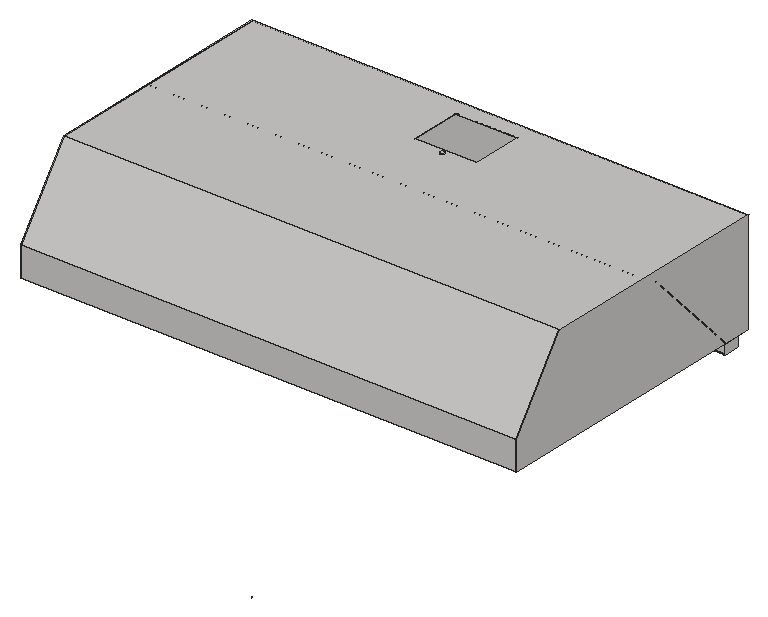
Revit family "QF_ELECTROLUXPROFESSIONAL_644231_ABPV1424BT", category Specialty Equipment, Revit 2014
Reference planes
  plane 1: z = 0
  plane 2 "Center (Left/Right)": x = 150
  plane 3 "LEFT": x = -1050
  plane 4 "RIGHT": x = 1350
  plane 5 "BACK": y = 550
  plane 6 "TOP": z = 2500
  plane 7 "Base": z = 2000
  plane 8: z = 1926
  plane 9 "DrainY": y = 485
  plane 10: x = -1047
  plane 11: through (0, 414.509, 2000.8) normal (0, 0.7314, 0.682)
  plane 12: y = 470
  plane 13: y = 220
  plane 14 "DrainX": x = 1230
  plane 15: x = 300
  plane 16: x = 0
  plane 17: x = 1347
  plane 18: x = 1140
  plane 19: x = 1320
  plane 20: x = -1010
  plane 21: x = -645
  plane 22: x = -450
  plane 23: x = 1310
  plane 24: x = 945
  plane 25: x = 750
  plane 26: x = -47.5
  plane 27: x = 347.5
  plane 28: z = 2140
  plane 29: y = -590
  plane 30: y = 200
  plane 31: y = -850
  plane 32: y = -150
Forms (mm)
  Extrusion 1, solid, material "QF_Finishes_Stainless Steel"
    sketch origin (-1050, 0, 360) x (0, 1, 0) y (0, 0, 1)
      loop
        line (550, 1640) -> (550, 2140) -> (-590, 2140) -> (-850, 1780) -> (-850, 1640) -> (550, 1640)
    from 0 to 3
  Extrusion 2, solid, material "QF_Finishes_Stainless Steel"
    sketch origin (150, 0, 360) x (0, 1, 0) y (0, 0, 1)
      loop
        line (415.255, 1640) -> (550, 1640) -> (550, 2139.19) -> (549.2, 2139.19) -> (549.2, 1640.8) -> (415.876, 1640.8) -> (339.347, 1722.867) -> (349.609, 1732.436) -> (348.927, 1733.167) -> (337.934, 1722.917) -> (415.255, 1640)
      loop
        line (-82.203, 2139.19) -> (-82.203, 2118.6) -> (-31.047, 2118.6) -> (34.354, 2048.466) -> (46.028, 2059.352) -> (45.346, 2060.083) -> (34.403, 2049.879) -> (-30.612, 2119.6) -> (-81.203, 2119.6) -> (-81.203, 2139.19) -> (-82.203, 2139.19)
    from -1197 to 1197
  Extrusion 3, solid, material "QF_Finishes_Stainless Steel"
    sketch origin (1350, 0, 360) x (0, 1, 0) y (0, 0, 1)
      loop
        line (550, 1640) -> (550, 2140) -> (-590, 2140) -> (-850, 1780) -> (-850, 1640) -> (550, 1640)
    from 0 to -3
  Extrusion 4, solid, material "QF_Finishes_Stainless Steel"
    sketch origin (150, 0, 360) x (0, 1, 0) y (0, 0, 1)
      loop
        line (-590, 2140) -> (-850, 1780) -> (-850, 1640) -> (-849.2, 1640) -> (-849.2, 1779.741) -> (-589.598, 2139.19) -> (550, 2139.19) -> (550, 2140) -> (-590, 2140)
    from -1200 to 1200
  Extrusion 5, solid, material "QF_Finishes_Stainless Steel"
    sketch origin (150, 0, 360) x (0, 1, 0) y (0, 0, 1)
      loop
        line (534, 1640) -> (436, 1640) -> (436, 1627) -> (443.5, 1627) -> (443.5, 1576)
        arc (443.5, 1576) -> (446.429, 1568.929) -> (453.5, 1566) r 10
        line (453.5, 1566) -> (516.5, 1566)
        arc (516.5, 1566) -> (523.571, 1568.929) -> (526.5, 1576) r 10
        line (526.5, 1576) -> (526.5, 1627) -> (534, 1627) -> (534, 1640)
    from 990 to 1170
  Extrusion 6, solid, material "QF_Finishes_Stainless Steel"
    sketch origin (0, 0, 2000) x (0, 1, 0) y (-1, 0, 0)
      loop
        circle (485, -1230) r 20
    from -76 to -74
  Extrusion 7, solid, material "QF_Finished_Chrome"
    sketch origin (150, 0, 360) x (0, 1, 0) y (0, 0, 1)
      loop
        line (337.934, 1722.917) -> (341.591, 1726.327) -> (38.011, 2051.876) -> (34.354, 2048.466) -> (337.934, 1722.917)
    from -795 to -1160
  Extrusion 8, solid, material "QF_Finished_Chrome"
    sketch origin (150, 0, 360) x (0, 1, 0) y (0, 0, 1)
      loop
        line (337.934, 1722.917) -> (341.591, 1726.327) -> (38.011, 2051.876) -> (34.354, 2048.466) -> (337.934, 1722.917)
    from -197.5 to -600
  Extrusion 9, solid, material "QF_Finishes_Stainless Steel"
    sketch origin (150, 0, 360) x (0, 1, 0) y (0, 0, 1)
      loop
        line (337.934, 1722.917) -> (341.591, 1726.327) -> (38.011, 2051.876) -> (34.354, 2048.466) -> (337.934, 1722.917)
    from 1197 to 1160
  Extrusion 10, solid, material "QF_Finishes_Stainless Steel"
    sketch origin (150, 0, 360) x (0, 1, 0) y (0, 0, 1)
      loop
        line (341.588, 1726.324) -> (38.009, 2051.874) -> (34.354, 2048.466) -> (337.934, 1722.917) -> (341.588, 1726.324)
    from -795 to -600
  Extrusion 11, solid, material "QF_Finished_Chrome"
    sketch origin (150, 0, 360) x (0, 1, 0) y (0, 0, 1)
      loop
        line (341.588, 1726.324) -> (38.009, 2051.874) -> (34.354, 2048.466) -> (337.934, 1722.917) -> (341.588, 1726.324)
    from 795 to 1160
  Extrusion 12, void
    sketch origin (0, 0, 2500) x (0, 1, 0) y (-1, 0, 0)
      loop
        line (470, 0) -> (220, 0) -> (220, -300) -> (470, -300) -> (470, 0)
    from 0 to -10
  Extrusion 13, solid, material "QF_Finishes_Stainless Steel"
    sketch origin (0, 0, 0) x (1, 0, 0) y (0, 1, 0)
      loop
        line (-1050, 550) -> (-1050, 549) -> (-1049, 549) -> (-1049, 550) -> (-1050, 550)
    from 0 to 1
  Extrusion 14, solid, material "QF_Finishes_Stainless Steel"
    sketch origin (150, 0, 360) x (0, 1, 0) y (0, 0, 1)
      loop
        line (337.934, 1722.917) -> (341.591, 1726.327) -> (38.011, 2051.876) -> (34.354, 2048.466) -> (337.934, 1722.917)
    from -1160 to -1197
  Extrusion 15, solid, material "QF_Finishes_Stainless Steel"
    sketch origin (150, 0, 360) x (0, 1, 0) y (0, 0, -1)
      loop
        line (341.588, -1726.324) -> (337.934, -1722.917) -> (34.354, -2048.466) -> (38.009, -2051.874) -> (341.588, -1726.324)
    from -795 to -600
  Extrusion 16, solid, material "QF_Finished_Chrome"
    sketch origin (150, 0, 360) x (0, 1, 0) y (0, 0, 1)
      loop
        line (337.934, 1722.917) -> (341.591, 1726.327) -> (38.011, 2051.876) -> (34.354, 2048.466) -> (337.934, 1722.917)
    from 600 to 197.5
  Extrusion 17, solid, material "QF_Finishes_Stainless Steel"
    sketch origin (150, 0, 360) x (0, 1, 0) y (0, 0, -1)
      loop
        line (341.588, -1726.324) -> (337.934, -1722.917) -> (34.354, -2048.466) -> (38.009, -2051.874) -> (341.588, -1726.324)
    from -197.5 to 197.5
  Extrusion 18, solid, material "QF_Finishes_Stainless Steel"
    sketch origin (0, 0, 2500) x (0, 1, 0) y (-1, 0, 0)
      loop
        circle (200, -150) r 10
    from 0 to 1.6
Cuts and joins
  Extrusion 12 cuts Extrusion 4
  joined: Extrusion 2, Extrusion 4
Lines and regions (mm)
  reference lines
    curve 1: line (150, 34.354, 2408.466) -> (150, 34.354, 2248.466)
  symbolic lines, style "SpecialityEquipment", detail levels coarse
    curve 2: line (1350, 550, 2500) -> (-1050, 550, 2500)
    curve 3: line (-1050, 550, 2500) -> (-1050, -850, 2500)
    curve 4: line (1350, -850, 2500) -> (1350, 550, 2500)
    curve 5: line (-1050, -850, 2500) -> (1350, -850, 2500)
    curve 6: line (0, 220, 2500) -> (300, 220, 2500)
    curve 7: line (0, 470, 2500) -> (0, 220, 2500)
    curve 8: line (300, 470, 2500) -> (0, 470, 2500)
    curve 9: line (300, 220, 2500) -> (300, 470, 2500)
    curve 10: line (1350, -589.598, 0) -> (-1050, -589.598, 0)
    curve 11: line (-1050, -589.598, 0) -> (1350, 550, 0)
    curve 12: line (-1050, 550, 0) -> (1350, -589.598, 0)
Dimensions and locks
  plane 3 "LEFT" to plane 4 "RIGHT" = 2400 mm
  equal spacing: plane 3 "LEFT", plane 2 "Center (Left/Right)", plane 4 "RIGHT"
  locked: plane 6 "TOP" to plane 7 "Base" at 500
  plane 7 "Base" to plane 8 = 74 mm
  plane 5 "BACK" to plane 9 "DrainY" = 65 mm  (x2)
  plane 3 "LEFT" to plane 10 = 3 mm
  plane 5 "BACK" to plane 12 = 80 mm
  plane 12 to plane 13 = 250 mm  (x2)
  plane 14 "DrainX" to plane 4 "RIGHT" = 120 mm
  plane 17 to plane 4 "RIGHT" = 3 mm
  locked: plane 18 to plane 14 "DrainX" at 90
  locked: plane 14 "DrainX" to plane 19 at 90
  plane 12 to plane 5 "BACK" = 80 mm
  locked: plane 3 "LEFT" to plane 20 at 40
  locked: plane 20 to plane 21 at 365
  locked: plane 21 to plane 22 at 195
  locked: plane 23 to plane 24 at 365
  locked: plane 24 to plane 25 at 195
  locked: plane 23 to plane 4 "RIGHT" at 40
  locked: plane 26 to plane 27 at 395
  equal spacing: plane 26, plane 2 "Center (Left/Right)", plane 27
  locked: plane 16 to plane 15 at 300
  equal spacing: plane 16, plane 2 "Center (Left/Right)", plane 15
  plane 22 to plane 26 = 402.5 mm
  plane 27 to plane 25 = 402.5 mm
  plane 28 to plane 7 "Base" = 140 mm
  locked: plane 7 "Base" to level at 2000
  plane 13 to plane 30 = 20 mm
  plane 5 "BACK" to plane 31 = 1400 mm  (x2)
  equal spacing: plane 5 "BACK", plane 32, plane 31
  aligned and locked: level to plane 1
  aligned and locked: Extrusion 2 to Extrusion 1
  aligned and locked: Extrusion 2 to Extrusion 3
  aligned and locked: plane 4 "RIGHT" to Extrusion 4
  aligned and locked: Extrusion 4 to plane 3 "LEFT"
  aligned and locked: plane 17 to Extrusion 9
  aligned and locked: plane 16 to Extrusion 12
  aligned and locked: Extrusion 12 to plane 15
  aligned and locked: Extrusion 12 to plane 13
  aligned and locked: Extrusion 12 to plane 12
  aligned and locked: Extrusion 2 to Extrusion 4
  aligned and locked: plane 19 to Extrusion 5
  aligned and locked: Extrusion 5 to plane 18
  aligned and locked: Extrusion 9 to plane 23
  aligned and locked: Extrusion 11 to plane 23
  aligned and locked: Extrusion 11 to plane 24
  aligned and locked: Extrusion 8 to plane 22
  aligned and locked: plane 22 to Extrusion 10
  aligned and locked: Extrusion 10 to plane 21
  aligned and locked: plane 21 to Extrusion 7
  aligned and locked: Extrusion 7 to plane 20
  aligned and locked: Extrusion 14 to plane 10
  aligned and locked: plane 20 to Extrusion 14
  aligned and locked: Extrusion 15 to plane 25
  aligned and locked: Extrusion 15 to plane 24
  aligned and locked: Extrusion 3 to plane 17
  aligned and locked: plane 26 to Extrusion 8
  aligned and locked: Extrusion 16 to plane 25
  aligned and locked: Extrusion 16 to plane 27
  aligned and locked: plane 27 to Extrusion 17
  aligned and locked: Extrusion 17 to plane 26
Automatic sketch dimensions
  curve 5 to plane 3 "LEFT" = 0 mm
  curve 9 to plane 13 = 0 mm
  plane 12 to curve 8 = 0 mm
  curve 3 to plane 5 "BACK" = 0 mm
  curve 5 to plane 4 "RIGHT" = 0 mm
  curve 6 to plane 15 = 0 mm
  curve 6 to plane 16 = 0 mm
  Extrusion 2 sketch curve to plane 11 = 0 mm  (x3)
  Extrusion 2 sketch curve to plane 7 "Base" = 0 mm
  plane 11 to Extrusion 2 sketch curve = 0 mm
  Extrusion 2 sketch curve to plane 5 "BACK" = 0 mm
  Extrusion 2 sketch curve to Extrusion 2 sketch curve = 65.646 mm
  Extrusion 2 sketch curve to Extrusion 2 sketch curve = 0.682 mm  (x2)
  Extrusion 2 sketch curve to Extrusion 2 sketch curve = 10.261 mm
  plane 7 "Base" to Extrusion 2 sketch curve = 82.917 mm
  Extrusion 2 sketch curve to Extrusion 2 sketch curve = 10.942 mm
  Extrusion 2 sketch curve to Extrusion 2 sketch curve = 0.049 mm
  Extrusion 2 sketch curve to plane 6 "TOP" = 20.4 mm
  Extrusion 2 sketch curve to plane 6 "TOP" = 21.4 mm
  Extrusion 2 sketch curve to plane 6 "TOP" = 0.81 mm  (x2)
  Extrusion 2 sketch curve to Extrusion 2 sketch curve = 50.156 mm
  Extrusion 2 sketch curve to Extrusion 2 sketch curve = 1 mm
  plane 7 "Base" to Extrusion 2 sketch curve = 0.8 mm
  Extrusion 2 sketch curve to plane 5 "BACK" = 0.8 mm
  curve 1 to plane 11 = 0 mm
  Extrusion 5 sketch curve to plane 7 "Base" = 0 mm
  Extrusion 5 sketch curve to plane 8 = 0 mm
  Extrusion 5 sketch curve to plane 7 "Base" = 13 mm  (x2)
  plane 12 to Extrusion 5 sketch curve = 34 mm
  Extrusion 5 sketch curve to Extrusion 5 sketch curve = 7.5 mm  (x2)
  Extrusion 5 sketch curve to Extrusion 5 sketch curve = 10 mm
  plane 9 "DrainY" to Extrusion 5 sketch curve = 31.5 mm
  Extrusion 5 sketch curve to plane 5 "BACK" = 23.5 mm
  Extrusion 6 sketch curve to plane 9 "DrainY" = 0 mm
  Extrusion 6 sketch curve to plane 14 "DrainX" = 0 mm
  Extrusion 7 sketch curve to plane 11 = 0 mm  (x2)
  Extrusion 7 sketch curve to Extrusion 7 sketch curve = 3.657 mm
  plane 7 "Base" to Extrusion 7 sketch curve = 82.917 mm
  Extrusion 8 sketch curve to plane 11 = 0 mm  (x2)
  Extrusion 8 sketch curve to Extrusion 8 sketch curve = 3.657 mm
  plane 7 "Base" to Extrusion 8 sketch curve = 82.917 mm
  Extrusion 9 sketch curve to plane 11 = 0 mm  (x2)
  Extrusion 9 sketch curve to Extrusion 9 sketch curve = 3.657 mm
  plane 7 "Base" to Extrusion 9 sketch curve = 82.917 mm
  Extrusion 10 sketch curve to plane 11 = 0 mm  (x2)
  Extrusion 10 sketch curve to Extrusion 10 sketch curve = 3.655 mm
  plane 7 "Base" to Extrusion 10 sketch curve = 82.917 mm
  Extrusion 11 sketch curve to plane 11 = 0 mm  (x2)
  Extrusion 11 sketch curve to Extrusion 11 sketch curve = 3.655 mm
  plane 7 "Base" to Extrusion 11 sketch curve = 82.917 mm
  Extrusion 12 sketch curve to plane 13 = 0 mm
  plane 12 to Extrusion 12 sketch curve = 0 mm
  Extrusion 12 sketch curve to plane 15 = 0 mm
  Extrusion 12 sketch curve to plane 16 = 0 mm
  Extrusion 13 sketch curve to plane 3 "LEFT" = 0 mm
  Extrusion 13 sketch curve to plane 5 "BACK" = 0 mm
  plane 3 "LEFT" to Extrusion 13 sketch curve = 1 mm
  Extrusion 13 sketch curve to Extrusion 13 sketch curve = 1 mm
  Extrusion 14 sketch curve to plane 11 = 0 mm  (x2)
  Extrusion 14 sketch curve to Extrusion 14 sketch curve = 3.657 mm
  plane 7 "Base" to Extrusion 14 sketch curve = 82.917 mm
  Extrusion 15 sketch curve to plane 11 = 0 mm  (x2)
  Extrusion 15 sketch curve to Extrusion 15 sketch curve = 3.655 mm
  plane 7 "Base" to Extrusion 15 sketch curve = 82.917 mm
  Extrusion 16 sketch curve to plane 11 = 0 mm  (x2)
  Extrusion 16 sketch curve to Extrusion 16 sketch curve = 3.657 mm
  plane 7 "Base" to Extrusion 16 sketch curve = 82.917 mm
  Extrusion 17 sketch curve to plane 11 = 0 mm  (x2)
  Extrusion 17 sketch curve to Extrusion 17 sketch curve = 3.655 mm
  plane 7 "Base" to Extrusion 17 sketch curve = 82.917 mm
  curve 1 to curve 1 = 160 mm
  Extrusion 4 sketch curve to plane 6 "TOP" = 0 mm
  Extrusion 4 sketch curve to plane 29 = 0 mm
  plane 29 to Extrusion 4 sketch curve = 0.402 mm
  Extrusion 4 sketch curve to plane 5 "BACK" = 0 mm
  Extrusion 4 sketch curve to plane 7 "Base" = 0 mm
  Extrusion 4 sketch curve to plane 28 = 0 mm
  Extrusion 4 sketch curve to plane 28 = 0.259 mm
  Extrusion 4 sketch curve to Extrusion 4 sketch curve = 0.81 mm
  Extrusion 1 sketch curve to plane 6 "TOP" = 0 mm
  Extrusion 1 sketch curve to plane 29 = 0 mm
  Extrusion 1 sketch curve to plane 5 "BACK" = 0 mm
  Extrusion 1 sketch curve to plane 7 "Base" = 0 mm
  Extrusion 1 sketch curve to plane 28 = 0 mm
  Extrusion 3 sketch curve to plane 6 "TOP" = 0 mm
  Extrusion 3 sketch curve to plane 29 = 0 mm
  Extrusion 3 sketch curve to plane 5 "BACK" = 0 mm
  Extrusion 3 sketch curve to plane 7 "Base" = 0 mm
  Extrusion 3 sketch curve to plane 28 = 0 mm
  curve 10 to plane 3 "LEFT" = 0 mm
  curve 12 to plane 3 "LEFT" = 0 mm
  curve 11 to plane 4 "RIGHT" = 0 mm
  curve 10 to plane 4 "RIGHT" = 0 mm
  curve 12 to plane 5 "BACK" = 0 mm
  curve 11 to plane 5 "BACK" = 0 mm
  plane 29 to curve 11 = 0.402 mm
  Extrusion 18 sketch curve to plane 2 "Center (Left/Right)" = 0 mm
  plane 30 to Extrusion 18 sketch curve = 0 mm
  curve 5 to plane 29 = 260 mm
  Extrusion 1 sketch curve to plane 29 = 260 mm
  Extrusion 3 sketch curve to plane 29 = 260 mm
  Extrusion 4 sketch curve to plane 29 = 259.2 mm
  Extrusion 4 sketch curve to Extrusion 4 sketch curve = 0.8 mm
  Extrusion 2 sketch curve to plane 6 "TOP" = 91.534 mm
  plane 28 to curve 1 = 108.466 mm
  Extrusion 7 sketch curve to plane 6 "TOP" = 88.124 mm
  Extrusion 8 sketch curve to plane 6 "TOP" = 88.124 mm
  Extrusion 9 sketch curve to plane 6 "TOP" = 88.124 mm
  Extrusion 10 sketch curve to plane 6 "TOP" = 88.126 mm
  Extrusion 11 sketch curve to plane 6 "TOP" = 88.126 mm
  Extrusion 14 sketch curve to plane 6 "TOP" = 88.124 mm
  Extrusion 15 sketch curve to plane 6 "TOP" = 88.126 mm
  Extrusion 16 sketch curve to plane 6 "TOP" = 88.124 mm
  Extrusion 17 sketch curve to plane 6 "TOP" = 88.126 mm
  radius of Extrusion 6 sketch curve = 20 mm
  radius of Extrusion 18 sketch curve = 10 mm
Connectors
  piping at (1230, 485, 1924), diameter 20
    settings: on Extrusion 6, index 1, connector inside diameter 609.6 mm, connector length 0 mm, flow factor 0, pipe flow 0.0 L/s, pressure drop 0.0 Pa, fitting loss kfactor 0, connector angle 0.00°, fixture units 0, engagement length 0 mm, angle of deflection 0.00°, flow configuration 1, flow direction 2, fitting loss method 0, system type 16, joint type 0, gender type 0, connector reference index -1, connector utility 0, adjustable connector no, is connector primary yes, connector description "Drain"
  hvac at (150, 345, 2500)
    settings: on Extrusion 12, index 2, duct flow 0.0 L/s, flow factor 0, pres drop 0.0 Pa, loss coef 0, conn angle 0.00°, conn width 250 mm, conn height 300 mm, conn diameter 609.6 mm, duct sys type 3, conn prof type 1, flow config 1, flow direction 2, loss method 0, conn ref index -1, conn util no, is conn primary yes, conn desc "EXHAUST OUTLET"
  electrical at (150, 200, 2500)
    settings: on Extrusion 18, index 3, voltage 0 V, apparent load 0 VA, apparent load phase1 0 VA, apparent load phase2 0 VA, apparent load phase3 0 VA, power factor 1, load classification "Other", number of poles 1, system type 30, power factor state 1, is connector primary yes, connector utility no, sub classification motor no, connector description "Electrical Connection"
